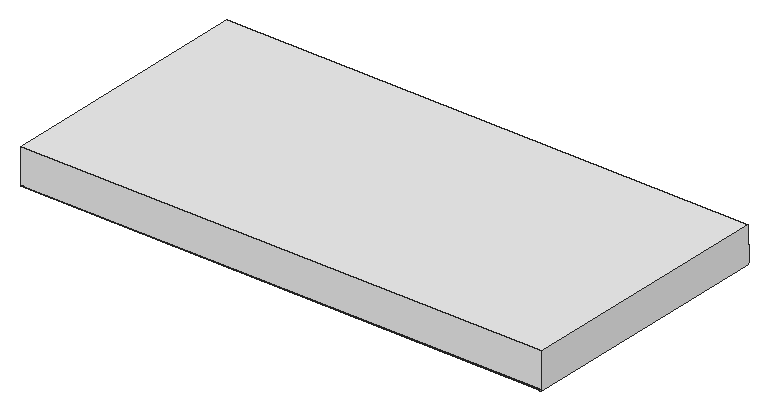
Revit family "ALT-C129", category Lighting Fixtures, host Ceiling, Revit 2019
Family settings
  Host = Ceiling
  Round Connector Dimension = Use Diameter
  Part Type = Normal
  OmniClass Number = 23.80.70.11.14.17
  OmniClass Title = Direct/Indirect
  Always vertical = Yes
  Cut with Voids When Loaded = No
  Light Source = Yes
  Shared = No
  Room Calculation Point = No
Parameters (values of type "ALT2X4-LED840K070LUNV-C129")
  Width = 1' - 11 3/4"
  Wattage = 53.67 W
  built-in parameter 1150110 = 1 (stored number, unit not read)
  Voltage = 120 V
  URL = "https://www.viscor.com/en/products/bvl"
  built-in parameter 1114217 = 0.9 (stored number, unit not read)
  Tilt Angle = 90.00°
  built-in parameter 1150109 = 1 (stored number, unit not read)
  built-in parameter 1150134 = 12
  built-in parameter 1150113 = 1 (stored number, unit not read)
  Photometric Web File = "ALT2x4-LED840K070LUNV-C129.ies"
  Model = "ALT-C128"  # constant formula
  Manufacturer = "VISIONEERING by VISCOR"  # constant formula
  Lumens = 7044.72 lm
  built-in parameter 1150115 = 1 (stored number, unit not read)
  built-in parameter 1150105 = 560.6 (stored number, unit not read)
  built-in parameter 1150137 = (empty or 0)
  built-in parameter 1150139 = (empty or 0)
  Lens Finish = Acrylic - Viscor - Frosted White
  Lens Depth = 0' - 0 1/8"
  Length = 3' - 11 3/4"
  Lamp Wattage = 53.67 VA
  built-in parameter 1150112 = 1 (stored number, unit not read)
  built-in parameter 1150114 = 1 (stored number, unit not read)
  Lamp = "LED"  # constant formula
  built-in parameter 1150132 = (empty or 0)
  built-in parameter 1150102 = (empty or 0)
  built-in parameter 1150138 = (empty or 0)
  built-in parameter 1150107 = 4000 (stored number, unit not read)
  built-in parameter 1150106 = 5.606 (stored number, unit not read)
  Housing Finish = Metal - Viscor - White
  Emit from Rectangle Width = Width  # 1' - 11 3/4"
  Emit from Rectangle Length = Length  # 3' - 11 3/4"
  Emit from Rectangle Height = Lens Depth  # 0' - 0 1/8"
  Emit Shape Visible in Rendering = no
  built-in parameter 1150104 = 12.194 (stored number, unit not read)
  Dimming Lamp Color Temperature Shift = <None>
  Description = "Architectural Recessed Troffer with Regressed Lens"  # constant formula
  Color Filter = 16777215
  built-in parameter 1114218 = 1 (stored number, unit not read)
  built-in parameter 1150133 = 10 (stored number, unit not read)
  Assembly Code = "D5020200"
  Apparent Load = Lamp Wattage  # 53.67 VA
Types (12): name | Width | Wattage | Photometric Web File | Lumens | built-in parameter 1150105 | Length | Lamp Wattage | built-in parameter 1150106 | Emit from Rectangle Width | Emit from Rectangle Length | built-in parameter 1150104 | Apparent Load
  (no name) | 1' - 11 3/4" | 53.67 W | "ALT2x4-LED840K070LUNV-C129.ies" | 7044.72 lm | 560.6 (stored number, unit not read) | 3' - 11 3/4" | 53.67 VA | 5.606 (stored number, unit not read) | 1' - 11 3/4" | 3' - 11 3/4" | 12.194 (stored number, unit not read) | 53.67 VA
  ALT2X4-LED840K070LUNV-C129 | 1' - 11 3/4" | 53.67 W | "ALT2x4-LED840K070LUNV-C129.ies" | 7044.72 lm | 560.6 (stored number, unit not read) | 3' - 11 3/4" | 53.67 VA | 5.606 (stored number, unit not read) | 1' - 11 3/4" | 3' - 11 3/4" | 12.194 (stored number, unit not read) | 53.67 VA
  ALT1x4-LED840K020LUNV-C129 | 0' - 11 3/4" | 15.89 W | "ALT1x4-LED840K020LUNV-C129.ies" | 2025.02 lm | 161.15 (stored number, unit not read) | 3' - 11 3/4" | 15.89 VA | 1.6115 (stored number, unit not read) | 0' - 11 3/4" | 3' - 11 3/4" | 11.84 (stored number, unit not read) | 15.89 VA
  ALT2x2-LED840K024LUNV-C129 | 1' - 11 3/4" | 18.62 W | "ALT2x2-LED840K024LUNV-C129.ies" | 2400.12 lm | 191 (stored number, unit not read) | 1' - 11 3/4" | 18.62 VA | 1.91 (stored number, unit not read) | 1' - 11 3/4" | 1' - 11 3/4" | 11.975 (stored number, unit not read) | 18.62 VA
  ALT1x4-LED840K030LUNV-C129 | 0' - 11 3/4" | 24.12 W | "ALT1x4-LED840K030LUNV-C129.ies" | 3009.45 lm | 239.48 (stored number, unit not read) | 3' - 11 3/4" | 24.12 VA | 2.3948 (stored number, unit not read) | 0' - 11 3/4" | 3' - 11 3/4" | 11.592 (stored number, unit not read) | 24.12 VA
  ALT1x4-LED840K040LUNV-C129 | 0' - 11 3/4" | 33.48 W | "ALT1x4-LED840K040LUNV-C129.ies" | 4086.9 lm | 325.23 (stored number, unit not read) | 3' - 11 3/4" | 33.48 VA | 3.2523 (stored number, unit not read) | 0' - 11 3/4" | 3' - 11 3/4" | 11.341 (stored number, unit not read) | 33.48 VA
  ALT2x2-LED840K034LUNV-C129 | 1' - 11 3/4" | 27.07 W | "ALT2x2-LED840K034LUNV-C129.ies" | 3424.63 lm | 272.52 (stored number, unit not read) | 1' - 11 3/4" | 27.07 VA | 2.7252 (stored number, unit not read) | 1' - 11 3/4" | 1' - 11 3/4" | 11.753 (stored number, unit not read) | 27.07 VA
  ALT2x2-LED840K040LUNV-C129 | 1' - 11 3/4" | 32.31 W | "ALT2x2-LED840K040LUNV-C129.ies" | 4043.6 lm | 321.78 (stored number, unit not read) | 1' - 11 3/4" | 32.31 VA | 3.2178 (stored number, unit not read) | 1' - 11 3/4" | 1' - 11 3/4" | 11.627 (stored number, unit not read) | 32.31 VA
  ALT2x2-LED840K050LUNV-C129 | 1' - 11 3/4" | 40.76 W | "ALT2x2-LED840K050LUNV-C129.ies" | 5017.15 lm | 399.25 (stored number, unit not read) | 1' - 11 3/4" | 40.76 VA | 3.9925 (stored number, unit not read) | 1' - 11 3/4" | 1' - 11 3/4" | 11.435 (stored number, unit not read) | 40.76 VA
  ALT2x4-LED840K036LUNV-C129 | 1' - 11 3/4" | 27.08 W | "ALT2x4-LED840K036LUNV-C129.ies" | 3666.09 lm | 291.74 (stored number, unit not read) | 3' - 11 3/4" | 27.08 VA | 2.9174 (stored number, unit not read) | 1' - 11 3/4" | 3' - 11 3/4" | 12.577 (stored number, unit not read) | 27.08 VA
  ALT2x4-LED840K050LUNV-C129 | 1' - 11 3/4" | 37.71 W | "ALT2x4-LED840K050LUNV-C129.ies" | 5038.06 lm | 400.92 (stored number, unit not read) | 3' - 11 3/4" | 37.71 VA | 4.0092 (stored number, unit not read) | 1' - 11 3/4" | 3' - 11 3/4" | 12.412 (stored number, unit not read) | 37.71 VA
  ALT2x4-LED840K060LUNV-C129 | 1' - 11 3/4" | 45.65 W | "ALT2x4-LED840K060LUNV-C129.ies" | 6044.06 lm | 480.97 (stored number, unit not read) | 3' - 11 3/4" | 45.65 VA | 4.8097 (stored number, unit not read) | 1' - 11 3/4" | 3' - 11 3/4" | 12.3 (stored number, unit not read) | 45.65 VA
Reference planes (in)
  plane 1 "Light Source Axis (F/B)": y = 0
  plane 2 "Ceiling": z = 96
  plane 3 "Light Source Axis (L/R)": x = 0
  plane 4 "Light Source Elevation": z = 95.875
  plane 5: y = 11.875
  plane 6: y = -11.875
  plane 7: x = -23.875
  plane 8: x = 23.875
  plane 9 "Lens Depth": z = 95.875
  plane 10: x = -23.46875
  plane 11: x = 23.46875
  plane 12: x = -23.40625
  plane 13: x = 23.40625
Forms (in)
  Extrusion 1, solid, material "Metal - Viscor - White" <- "Housing Finish"
    sketch origin (0, 0, -0.125) x (0, 1, 0) y (0, 0, 1)
      loop
        line (-11.783, 96) -> (11.783, 96)
        arc (11.783, 96) -> (11.82684, 96.01816) -> (11.845, 96.062) r 0.062
        line (11.845, 96.062) -> (11.845, 99.25) -> (-11.845, 99.25) -> (-11.845, 96.062)
        arc (-11.845, 96.062) -> (-11.82684, 96.01816) -> (-11.783, 96) r 0.062
    from -23.875 to 23.875
  Extrusion 2, void
    sketch origin (0, 0, 96) x (1, 0, 0) y (0, 1, 0)
      loop
        line (19.04387, 10.47) -> (-19.04387, 10.47)
        arc (-19.04387, 10.47) -> (-21.35604, 9.33853) -> (-22.5, 7.0325) r 4
        line (-22.5, 7.0325) -> (-22.5, -7.0325)
        arc (-22.5, -7.0325) -> (-21.35604, -9.33853) -> (-19.04387, -10.47) r 4
        line (-19.04387, -10.47) -> (19.04387, -10.47)
        arc (19.04387, -10.47) -> (21.35604, -9.33853) -> (22.5, -7.0325) r 4
        line (22.5, -7.0325) -> (22.5, 7.0325)
        arc (22.5, 7.0325) -> (21.35604, 9.33853) -> (19.04387, 10.47) r 4
    from -0.125 to 1.24401
Cuts and joins
  Extrusion 2 cuts Extrusion 1
Dimensions and locks (in)
  equal spacing: host sketch curve, plane 3 "Light Source Axis (L/R)", host sketch curve
  equal spacing: host sketch curve, plane 1 "Light Source Axis (F/B)", host sketch curve
  host sketch curve to host sketch curve = 10' - 0"  (x2)
  equal spacing: plane 7, plane 3 "Light Source Axis (L/R)", plane 8
  "Length": plane 7 to plane 8
  equal spacing: plane 5, plane 1 "Light Source Axis (F/B)", plane 6
  "Width": plane 5 to plane 6
  "Emit from Rectangle Height": plane 4 "Light Source Elevation" to plane 2 "Ceiling"
  "Lens Depth": plane 2 "Ceiling" to plane 9 "Lens Depth"
  locked: plane 7 to plane 10 at 0.40625
  locked: plane 11 to plane 8 at 0.40625
  locked: plane 7 to plane 12 at 0.46875
  locked: plane 13 to plane 8 at 0.46875
  aligned and locked: plane 3 "Light Source Axis (L/R)" to imposter light
  aligned and locked: plane 1 "Light Source Axis (F/B)" to imposter light
  aligned and locked: plane 4 "Light Source Elevation" to imposter light
  aligned and locked: Extrusion 1 to plane 7
  aligned and locked: plane 8 to Extrusion 1
Automatic sketch dimensions
  Extrusion 1 sketch curve to plane 2 "Ceiling" = 0' - 0 1/8"
  Extrusion 1 sketch curve to plane 5 = 0' - 0.092"
  Extrusion 1 sketch curve to plane 2 "Ceiling" = 0' - 0.063"  (x2)
  Extrusion 1 sketch curve to Extrusion 1 sketch curve = 0' - 3.188"
  plane 6 to Extrusion 1 sketch curve = 0' - 0.03"
  plane 12 to Extrusion 2 sketch curve = 0' - 0 29/32"
  Extrusion 2 sketch curve to plane 5 = 0' - 1.405"
  plane 12 to Extrusion 2 sketch curve = 0' - 4.36238"
  Extrusion 2 sketch curve to Extrusion 2 sketch curve = 0' - 3.96473"
  Extrusion 2 sketch curve to plane 13 = 0' - 4.87098"  (x2)
  plane 6 to Extrusion 2 sketch curve = 0' - 1.405"
  Extrusion 2 sketch curve to Extrusion 2 sketch curve = 0' - 0.50859"  (x3)
  Extrusion 2 sketch curve to plane 13 = 0' - 0 29/32"
  plane 6 to Extrusion 2 sketch curve = 0' - 4.8425"
  Extrusion 2 sketch curve to Extrusion 2 sketch curve = 0' - 3.96753"  (x3)
  Extrusion 2 sketch curve to Extrusion 2 sketch curve = 0' - 3.45613"
Connectors (in)
  electrical at (0, 0, 96), driven by "Voltage", driven by "Apparent Load"
    settings: index 1, voltage 120 V, apparent load 0 VA, apparent load phase1 53.67 VA, apparent load phase2 0 VA, apparent load phase3 0 VA, power factor 1, load classification "Other", number of poles 1, system type 31, power factor state 1, is connector primary yes, connector utility no, sub classification motor no, connector description ""
